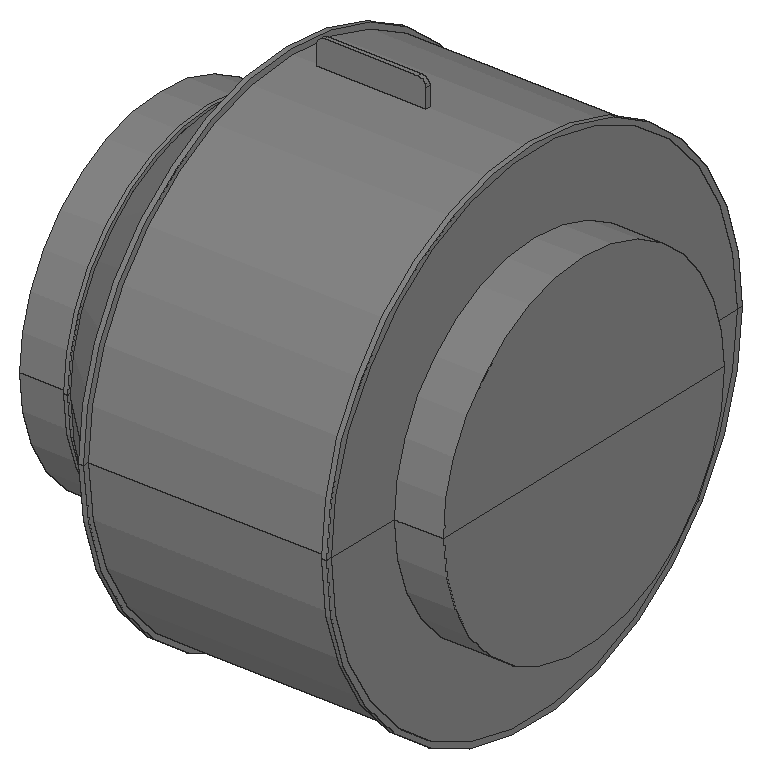
Revit family "НЕВАТОМ_Вентилятор VKK 355m, версия 1", category Оборудование, Revit 2017
Family settings
  Размер круглого соединителя = Использовать диаметр
  Тип детали = Вставляется
  На основе рабочей плоскости = Нет
  Всегда вертикально = Да
  При загрузке вырезать с полостями = Нет
  Общий = Нет
  Точка расчета площади = Нет
Parameters (values of type "VKK - 355 - 4D m")
  Полное давление = 270.0 Pa
  Материал = Сталь серая
  Макс. расход воздуха = 2350.0 m³/h
  Корпус = Резина
  Ключевая пометка = "Вентиляция"
  Задание электрикам [instance] = no
  h = 50 mm
  d = 353 mm
  Nevatom_Частотный преобразователь = ""
  Nevatom_Регулятор расхода = ""
  Nevatom_URL = "https://t.me/NEVATOM_Bim_bot"
  Nevatom_ Для задания электроснабжения = ""
  L = 426 mm
  H = 562 mm
  F = 107 mm
  E = 110 mm
  D = 512 mm
  C = 540 mm
  B = 566 mm
  ADSK_Частота вращения вентилятора = 1380
  ADSK_Ток = 0.47 A
  ADSK_Размер_Ширина = L  # 426 mm
  ADSK_Размер_Длина = D  # 512 mm
  ADSK_Размер_Высота = H  # 562 mm
  ADSK_Примечание = ""
  ADSK_Полная мощность = 0.22 kW
  ADSK_Позиция = ""
  ADSK_Напряжение = 380 V
  ADSK_Наименование = "Вентилятор канальный круглый"  # constant formula
  ADSK_Материал наименование = "Оцинкованная сталь"  # constant formula
  ADSK_Масса_Текст = "14"
  ADSK_Масса = 14
  ADSK_Марка = "VKK - 355 - 4D m"
  ADSK_Количество = 1  # constant formula
  ADSK_Код изделия = ""
  ADSK_Завод-изготовитель = "НЕВАТОМ"  # constant formula
  ADSK_Единица измерения = "шт."  # constant formula
Types (2, lengths in mm): name | Полное давление | Макс. расход воздуха | ADSK_Частота вращения вентилятора | ADSK_Ток | ADSK_Напряжение | ADSK_Марка
  VKK - 355 - 4E m | 400.0 Pa | 2000.0 m³/h | 1360 | 1 A | 230 V | "VKK - 355 - 4E m"
  VKK - 355 - 4D m | 270.0 Pa | 2350.0 m³/h | 1380 | 0.47 A | 380 V | "VKK - 355 - 4D m"
Reference planes
  plane 1 "По центру (Вперед/Назад)": y = 0
  plane 2: z = 0
  plane 3 "По центру (Влево/Вправо)": x = 0
  plane 4: x = -213
  plane 5: x = 213
  plane 6: x = -163
  plane 7: x = 163
  plane 8: x = 56
  plane 9: y = 176.5
  plane 10: y = -176.5
  plane 11: y = 256
  plane 12: y = -256
  plane 13: x = -54
  plane 14: y = 283
  plane 15: y = -283
  plane 16: z = 283
  plane 17: z = -283
  plane 18: y = 306
Forms (mm)
  Extrusion 1, void, not visible
    sketch origin (-345, -245, 50) x (0, -1, 0) y (0, 0, -1)
      loop
        line (-477.965, -475) -> (-477.965, -450) -> (-528.913, -450) -> (-528.913, -475) -> (-477.965, -475)
    from -47.452 to 12
  Revolve 2, solid, material "Сталь серая" <- "Материал"
    sketch origin (0, 0, 0) x (1, 0, 0) y (0, 1, 0)
      loop
        line (-213, 176.5) -> (-213, 0) -> (213, 0) -> (213, 176.5) -> (163, 176.5) -> (163, 256) -> (163, 261.169) -> (158, 261.169) -> (158, 256) -> (-80.87, 256) -> (-80.87, 261.169) -> (-85.87, 261.169) -> (-85.87, 253.63) -> (-161.206, 178.294) -> (-161.206, 181.5) -> (-164.839, 181.5) -> (-164.839, 176.5) -> (-213, 176.5)
      axis (-213, 0) -> (213, 0)
    angle from 0 to 360
  Extrusion 3, solid, material "Сталь серая" <- "Материал"
    sketch origin (0, 0, 0) x (1, 0, 0) y (0, 0, 1)
      loop
        line (-46, -283) -> (48, -283)
        arc (48, -283) -> (53.657, -280.657) -> (56, -275) r 8
        line (56, -275) -> (56, -232.148) -> (-54, -232.148) -> (-54, -275)
        arc (-54, -275) -> (-51.657, -280.657) -> (-46, -283) r 8
      loop
        arc (-46, 283) -> (-51.657, 280.657) -> (-54, 275) r 8
        line (-54, 275) -> (-54, 232.148) -> (56, 232.148) -> (56, 275)
        arc (56, 275) -> (53.657, 280.657) -> (48, 283) r 8
        line (48, 283) -> (-46, 283)
    from -2.339 to 1.926
  Extrusion 4, solid, material "Резина" <- "Корпус"
    sketch origin (0, 0, 0) x (1, 0, 0) y (0, 0, 1)
      loop
        arc (-30.509, 49.223) -> (-37.58, 46.294) -> (-40.509, 39.223) r 10
        line (-40.509, 39.223) -> (-40.509, -40.777)
        arc (-40.509, -40.777) -> (-37.58, -47.848) -> (-30.509, -50.777) r 10
        line (-30.509, -50.777) -> (49.491, -50.777)
        arc (49.491, -50.777) -> (56.562, -47.848) -> (59.491, -40.777) r 10
        line (59.491, -40.777) -> (59.491, 39.223)
        arc (59.491, 39.223) -> (56.562, 46.294) -> (49.491, 49.223) r 10
        line (49.491, 49.223) -> (-30.509, 49.223)
    from -306 to -256
  Extrusion 5, solid, material "Сталь серая" <- "Материал"
    sketch origin (0, 0, 0) x (1, 0, 0) y (0, 0, 1)
      loop
        line (49.491, 49.223) -> (-30.509, 49.223)
        arc (-30.509, 49.223) -> (-37.58, 46.294) -> (-40.509, 39.223) r 10
        line (-40.509, 39.223) -> (-40.509, -40.777)
        arc (-40.509, -40.777) -> (-37.58, -47.848) -> (-30.509, -50.777) r 10
        line (-30.509, -50.777) -> (49.491, -50.777)
        arc (49.491, -50.777) -> (56.562, -47.848) -> (59.491, -40.777) r 10
        line (59.491, -40.777) -> (59.491, 39.223)
        arc (59.491, 39.223) -> (56.562, 46.294) -> (49.491, 49.223) r 10
    from -256 to -176.5
Cuts and joins
  joined: Revolve 2, Extrusion 3, Extrusion 5
Lines and regions (mm)
  model lines, not visible, detail levels coarse
    curve 1: circle (0, 0, 0) r 135 normal (0, 0, 1)
    curve 2: line (-135, 0, 0) -> (43.681, 127.738, 0)
    curve 3: line (-135, 0, 0) -> (43.681, -127.738, 0)
    curve 4: line (43.681, 127.738, 0) -> (43.681, -127.738, 0)
  model lines, not visible, detail levels medium
    curve 5: circle (0, 0, 0) r 90 normal (0, -1, 0)
    curve 6: line (-90, 0, 0) -> (39.046, 0, 81.089)
    curve 7: line (-90, 0, 0) -> (39.046, 0, -81.089)
    curve 8: line (39.046, 0, 81.089) -> (39.046, 0, -81.089)
Dimensions and locks
  equal spacing: plane 9, plane 1 "По центру (Вперед/Назад)", plane 10
  "d": plane 9 to plane 10
  equal spacing: plane 11, plane 1 "По центру (Вперед/Назад)", plane 12
  "D": plane 11 to plane 12
  equal spacing: plane 4, plane 3 "По центру (Влево/Вправо)", plane 5
  "L": plane 4 to plane 5
  "h": plane 4 to plane 6
  "h": plane 7 to plane 5
  "F": plane 8 to plane 7
  "E": plane 13 to plane 8
  equal spacing: plane 15, plane 1 "По центру (Вперед/Назад)", plane 14
  "B": plane 15 to plane 14
  equal spacing: plane 16, level, plane 17
  "B": plane 16 to plane 17
  "H": plane 18 to plane 12
  plane 4 to plane 5 = 426 mm
  plane 18 to plane 11 = 50 mm
  aligned and locked: level to plane 2
  aligned and locked: Extrusion 4 to plane 11
  aligned and locked: nested 2 to Extrusion 4  (x3)
Automatic sketch dimensions
  plane 13 to Extrusion 3 sketch curve = 0 mm  (x2)
  Extrusion 3 sketch curve to plane 16 = 0 mm
  Extrusion 3 sketch curve to plane 17 = 0 mm
  plane 8 to Extrusion 3 sketch curve = 0 mm  (x2)
  Extrusion 3 sketch curve to plane 13 = 8 mm  (x2)
  plane 8 to Extrusion 3 sketch curve = 8 mm
  Extrusion 3 sketch curve to Extrusion 3 sketch curve = 8 mm
  Extrusion 3 sketch curve to Extrusion 3 sketch curve = 42.852 mm  (x2)
  Extrusion 4 sketch curve to plane 13 = 13.491 mm
  Extrusion 4 sketch curve to Extrusion 4 sketch curve = 10 mm  (x2)
  plane 8 to Extrusion 4 sketch curve = 6.509 mm  (x2)
  Extrusion 4 sketch curve to plane 8 = 3.491 mm
  Extrusion 4 sketch curve to level = 50.777 mm
  level to Extrusion 4 sketch curve = 39.223 mm
  plane 8 to Extrusion 5 sketch curve = 6.509 mm  (x2)
  level to Extrusion 5 sketch curve = 39.223 mm
  Extrusion 5 sketch curve to Extrusion 5 sketch curve = 10 mm  (x3)
  Extrusion 5 sketch curve to plane 13 = 23.491 mm
  Extrusion 5 sketch curve to level = 40.777 mm
  plane 1 "По центру (Вперед/Назад)" to Revolve 2 sketch curve = 0 mm  (x2)
  Revolve 2 sketch curve to plane 4 = 0 mm
  Revolve 2 sketch curve to plane 9 = 0 mm  (x2)
  Revolve 2 sketch curve to plane 11 = 0 mm  (x2)
  Revolve 2 sketch curve to plane 7 = 0 mm
  Revolve 2 sketch curve to plane 5 = 0 mm
  Revolve 2 sketch curve to plane 6 = 1.839 mm
  plane 6 to Revolve 2 sketch curve = 1.794 mm
  Revolve 2 sketch curve to plane 11 = 2.37 mm
  plane 13 to Revolve 2 sketch curve = 31.87 mm
  Revolve 2 sketch curve to Revolve 2 sketch curve = 5 mm  (x2)
  plane 9 to Revolve 2 sketch curve = 1.794 mm
  Revolve 2 sketch curve to Revolve 2 sketch curve = 3.206 mm
  plane 11 to Revolve 2 sketch curve = 5.169 mm
  Revolve 2 sketch curve to Revolve 2 sketch curve = 5.169 mm
  Revolve 2 sketch curve to plane 4 = 60 mm
  Revolve 2 sketch curve to Revolve 2 sketch curve = 154 mm
Nested families
  nested 1: "крепление 15мм" at (-330, 229.965, 495), type "крепление 15мм", not visible
  nested 2: "НЕВАТОМ_QR-AxB" at (34.491, 281, 49.223), type "Nevatom_Logo_50x50", not visible
Connectors
  hvac at (-213, 0, 0), driven by "d"
    settings: on cut or joined group of Revolve 2, Extrusion 3, Extrusion 5, index 1, duct flow 0.0 m³/h, flow factor 0, pres drop 0.0 Pa, loss coef 0, conn angle 0.00°, conn width 304.8 mm, conn height 304.8 mm, conn diameter 353 mm, duct sys type 29, conn prof type 0, flow config 0, flow direction 0, loss method 0, conn ref index 2, conn util no, is conn primary yes, conn desc ""
  hvac at (213, 0, 0), driven by "d"
    settings: on cut or joined group of Revolve 2, Extrusion 3, Extrusion 5, index 2, duct flow 0.0 m³/h, flow factor 0, pres drop 0.0 Pa, loss coef 0, conn angle 0.00°, conn width 304.8 mm, conn height 304.8 mm, conn diameter 353 mm, duct sys type 29, conn prof type 0, flow config 0, flow direction 0, loss method 0, conn ref index 1, conn util no, is conn primary no, conn desc ""
Definition of nested family "крепление 15мм"
  Parameters (values of type "крепление 15мм")
    Материал крепления = none
  Reference planes
    plane 1 "По центру (Вперед/Назад)": y = 0
    plane 2: z = 0
    plane 3 "По центру (Влево/Вправо)": x = 0
  Forms (mm)
    Extrusion 1, solid, material <- "Материал крепления"
      sketch origin (0, 0, 0) x (1, 0, 0) y (0, 1, 0)
        loop
          line (-25, 0) -> (0, 0) -> (0, 18.31) -> (0, 25) -> (-3, 25) -> (-3, 3) -> (-25, 3) -> (-25, 0)
      from 0 to 30
    Extrusion 2, void
      sketch origin (0, 0, 0) x (1, 0, 0) y (0, 1, 0)
        loop
          line (-3, 3) -> (-3, 54.96) -> (-58, 54.96) -> (-58, 3) -> (-3, 3)
      from 0 to 15
  Cuts and joins
    Extrusion 2 cuts Extrusion 1
  Dimensions and locks
    Extrusion 1 sketch curve to Extrusion 1 sketch curve = 3 mm  (x2)
    Extrusion 1 sketch curve to Extrusion 1 sketch curve to plane 3 "По центру (Влево/Вправо)" = 25 mm, 0 mm
    Extrusion 1 sketch curve to Extrusion 1 sketch curve = 25 mm
    aligned and locked: level to plane 2
Definition of nested family "НЕВАТОМ_QR-AxB"
  Parameters (values of type "Nevatom_Logo_50x50")
    Logo_Image = none
    L = 2 mm
    B = A  # 50 mm
    A = 50 mm
  Types (5, lengths in mm): name | B | A
    (no name) | 50 | 50
    Nevatom_Logo_200x200 | 200 | 200
    Nevatom_Logo_100x100 | 100 | 100
    Nevatom_Logo_50x50 | 50 | 50
    Nevatom_Logo_25x25 | 25 | 25
  Reference planes
    plane 1 "По центру (Вперед/Назад)": y = 0
    plane 2: z = 0
    plane 3 "По центру (Влево/Вправо)": x = 0
    plane 4: x = -25
    plane 5: x = 25
    plane 6: y = 25
    plane 7: y = -25
  Forms (mm)
    Extrusion 1, solid, material <- "Logo_Image"
      sketch origin (0, 0, 0) x (1, 0, 0) y (0, 1, 0)
        loop
          line (-25, 25) -> (-25, -25) -> (25, -25) -> (25, 25) -> (-25, 25)
      from 0 to 2 <- "L"
  Lines and regions (mm)
    reference lines
      curve 1: line (-25, 25, 0) -> (25, 25, 0)
      curve 2: line (25, 25, 0) -> (25, -25, 0)
      curve 3: line (25, -25, 0) -> (-25, -25, 0)
      curve 4: line (-25, -25, 0) -> (-25, 25, 0)
  Dimensions and locks
    equal spacing: plane 4, plane 3 "По центру (Влево/Вправо)", plane 5
    "A": plane 4 to plane 5
    equal spacing: plane 6, plane 1 "По центру (Вперед/Назад)", plane 7
    "B": plane 6 to plane 7
    aligned and locked: level to plane 2
    aligned and locked: plane 6 to curve 1
    aligned and locked: plane 4 to curve 4
    aligned and locked: plane 5 to curve 2
    aligned and locked: plane 7 to curve 3
    aligned and locked: Extrusion 1 sketch curve to curve 1
    aligned and locked: Extrusion 1 sketch curve to curve 4
    aligned and locked: Extrusion 1 sketch curve to curve 3
    aligned and locked: Extrusion 1 sketch curve to curve 2
